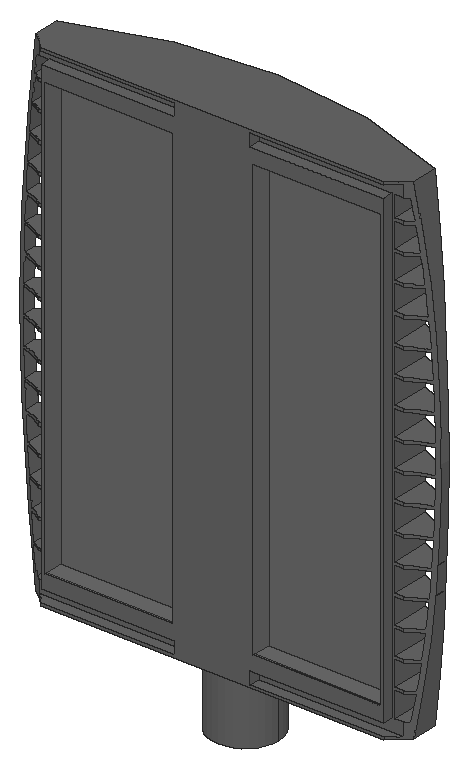
Revit family "Matrix MAA-Mast Arm", category Lighting Fixtures, host Face, Revit 2021
Family settings
  Host = Face
  Round Connector Dimension = Use Diameter
  Part Type = Normal
  OmniClass Number = 23.80.70.14.14
  OmniClass Title = Exterior Floodlights
  Cut with Voids When Loaded = No
  Light Source = Yes
  Shared = No
  Room Calculation Point = No
Parameters (values of type "MAA-BL")
  Watts = 325 W  # constant formula
  Wattage Comments = "260W to 555W"  # constant formula
  Wattage = 325 W
  built-in parameter 1150110 = 1 (stored number, unit not read)
  Voltage = 120 V
  URL = "https://www.currentlighting.com/beacon"
  built-in parameter 1114217 = 1 (stored number, unit not read)
  Tilt Angle = 90.00°  # constant formula
  built-in parameter 1150109 = 1 (stored number, unit not read)
  built-in parameter 1150134 = 12
  built-in parameter 1150113 = 1 (stored number, unit not read)
  Product Page URL = ""
  Product Material = Black
  Product Documentation Link = ""
  Power Factor = 1
  Photometric Web File = "MA-A-64L-325-4K7-5R-U.ies"
  Model = "Matrix MAA-Mast Arm"  # constant formula
  Manufacturer = "Beacon Products"  # constant formula
  built-in parameter 1150105 = 2944.5 (stored number, unit not read)
  Lumens = 37001.2 lm
  built-in parameter 1150115 = 1 (stored number, unit not read)
  Load Classification = Lighting
  built-in parameter 1150137 = (empty or 0)
  built-in parameter 1150139 = (empty or 0)
  built-in parameter 1150112 = 1 (stored number, unit not read)
  built-in parameter 1150114 = 1 (stored number, unit not read)
  Lamp = "LED"  # constant formula
  LED Engine = "325W, 37,000 lm"  # constant formula
  built-in parameter 1150132 = (empty or 0)
  built-in parameter 1150102 = (empty or 0)
  built-in parameter 1150107 = 4000 (stored number, unit not read)
  built-in parameter 1150138 = (empty or 0)
  built-in parameter 1150106 = 29.445 (stored number, unit not read)
  Glass = White Glass
  Emit from Rectangle Width = 26.000"  # constant formula
  Emit from Rectangle Length = 20.000"  # constant formula
  Emit Shape Visible in Rendering = no
  built-in parameter 1150104 = 10.577 (stored number, unit not read)
  Distribution = "5R - Type 5 Rectangular"  # constant formula
  Dimming Lamp Color Temperature Shift = <None>
  Description = "Matrix area combines superior luminaire design with excellent versatility, performance and value in four mounting options"  # constant formula
  Default Elevation = 48.000"
  Color Filter = 16777215
  CCT = "4k7 - 4000K, 70 CRI"  # constant formula
  built-in parameter 1114218 = 1 (stored number, unit not read)
  built-in parameter 1150133 = 10 (stored number, unit not read)
  Assembly Code = "D5020280"
  Apparent Load = Watts / Power Factor  # 325 VA
Types (8): name | Product Material
  (no name) | Black
  MAA-DB | Dark Bronze
  MAA-BL | Black
  MAA-WH | White
  MAA-PS | Platinum
  MAA-GYS | Light Grey
  MAA-GT | Graphite
  MAA-TT | Titanium
Reference planes (in)
  plane 1 "Center (Front/Back)": y = 0
  plane 2: z = 0
  plane 3 "Center (Left/Right)": x = 0
  plane 4: z = 4
Forms (in)
  Extrusion 1, solid, material "Black" <- "Product Material"
    sketch origin (0, 0, 0) x (1, 0, 0) y (0, 1, 0)
      loop
        circle (0, 0) r 2
    from 0 to 4
Dimensions and locks (in)
  locked: plane 4 to plane 2 at 4
  radius of Extrusion 1 sketch curve = 2.000"
  aligned and locked: plane 2 to host face
  aligned and locked: level to host face
  aligned and locked: plane 3 "Center (Left/Right)" to Extrusion 1 sketch curve
  aligned and locked: plane 1 "Center (Front/Back)" to Extrusion 1 sketch curve
  aligned and locked: plane 4 to Extrusion 1
  aligned and locked: Extrusion 1 to plane 2
  aligned and locked: plane 3 "Center (Left/Right)" to nested 1
  aligned and locked: plane 1 "Center (Front/Back)" to nested 1
  aligned and locked: imposter light to nested 1
  aligned and locked: imposter light to plane 3 "Center (Left/Right)"
Nested families (in)
  nested 1: "Matrix" at (0, 0, 4), Material Finish <- "Product Material", Glass <- "Glass", type "MAF"
    with Material Finish Black, Glass White Glass
Connectors (in)
  electrical at (0, 0, 0), driven by "Load Classification", driven by "Voltage", driven by "Apparent Load", driven by "Power Factor"
    settings: on Extrusion 1, index 1, voltage 120 V, apparent load 325 VA, apparent load phase1 0 VA, apparent load phase2 0 VA, apparent load phase3 0 VA, power factor 1, load classification "Lighting", number of poles 1, system type 30, power factor state 1, is connector primary yes, connector utility no, sub classification motor no, connector description "Lighting Connector"
Definition of nested family "Matrix"
  Parameters
    Wattage Comments = ""
    URL = ""
    Product Page URL = ""
    Product Documentation Link = ""
    Model = ""
    Material Finish [instance] = none
    Manufacturer = ""
    Lamp = ""
    Glass [instance] = none
    Description = ""
    Default Elevation = 48.000"
    Apparent Load = 0 VA
  Reference planes (in)
    plane 1 "Center (Front/Back)": y = 0
    plane 2: z = 0
    plane 3 "Center (Left/Right)": x = 0
    plane 4: y = -2.45
    plane 5: y = 2.45
    plane 6: z = 29.7
    plane 7: x = -12.5
    plane 8: x = 12.5
    plane 9: x = -13.09963
    plane 10: y = 3.95
    plane 11: x = 13.09963
  Forms (in)
    Extrusion 1, solid
      sketch origin (0, 0, 0) x (1, 0, 0) y (0, 1, 0)
        loop
          line (-48, 48) -> (-48, -48) -> (48, -48) -> (48, 48) -> (-48, 48)
      from 0 to -12
    Extrusion 2, solid, material <- "Material Finish"
      sketch origin (0, 0, 0) x (1, 0, 0) y (0, 0, 1)
        loop
          arc (-11.25, 29.7) -> (-12.50329, 14.85) -> (-11.25, 0) r 88.6042
          line (-11.25, 0) -> (11.25, 0)
          arc (11.25, 0) -> (12.5, 14.85) -> (11.25, 29.7) r 88.834
          line (11.25, 29.7) -> (-11.25, 29.7)
      from 2.45 to -2.45
    Extrusion 3, void
      sketch origin (0, 0, 0) x (1, 0, 0) y (0, 1, 0)
        loop
          line (13.09963, 3.95) -> (-13.09963, 3.95) -> (-13.09963, -0.83727)
          arc (-13.09963, -0.83727) -> (0.00051, 2.44699) -> (13.09963, -0.84133) r 27.75166
          line (13.09963, -0.84133) -> (13.09963, 3.95)
      from 33.11231 to -3.44037
    Extrusion 4, void
      sketch origin (0, 0, 0) x (1, 0, 0) y (0, 0, 1)
        loop
          arc (-11.14439, 29.575) -> (-12.37829, 14.85) -> (-11.14439, 0.125) r 88.4792
          line (-11.14439, 0.125) -> (-2.25, 0.125) -> (-2.25, 0.875) -> (-10.17345, 0.875) -> (-10.17345, 28.825) -> (-2.25, 28.825) -> (-2.25, 29.575) -> (-11.14439, 29.575)
      from 2.45 to 1.78807
    Extrusion 5, void
      sketch origin (0, 0, 0) x (1, 0, 0) y (0, 0, 1)
        loop
          line (-10, 27.95) -> (-10, 1.75) -> (-2.375, 1.75) -> (-2.375, 27.95) -> (-10, 27.95)
        loop
          line (10, 27.95) -> (2.375, 27.95) -> (2.375, 1.75) -> (10, 1.75) -> (10, 27.95)
      from 2.45 to 1.25125
    Extrusion 6, solid, material <- "Glass"
      sketch origin (0, 0, 0) x (1, 0, 0) y (0, 0, 1)
        loop
          line (-10, 27.95) -> (-10, 1.75) -> (-2.375, 1.75) -> (-2.375, 27.95) -> (-10, 27.95)
      from 2.40755 to 2.32559
    Extrusion 7, void
      sketch origin (0, 0, 0) x (1, 0, 0) y (0, 0, 1)
        loop
          line (-10.29845, 0.88042) -> (-10.29845, 2.40161) -> (-11.37128, 2.40161)
          arc (-11.37128, 2.40161) -> (-11.25949, 1.64052) -> (-11.14107, 0.88042) r 88.35391
          line (-11.14107, 0.88042) -> (-10.29845, 0.88042)
        loop
          arc (-11.14096, 28.82208) -> (-11.23811, 28.20164) -> (-11.33084, 27.58052) r 88.35398
          line (-11.33084, 27.58052) -> (-10.29845, 27.58052) -> (-10.29845, 28.82208) -> (-11.14096, 28.82208)
        loop
          line (-10.29845, 2.54409) -> (-10.29845, 4.04409) -> (-11.58882, 4.04409)
          arc (-11.58882, 4.04409) -> (-11.49332, 3.29367) -> (-11.39139, 2.54409) r 88.35402
          line (-11.39139, 2.54409) -> (-10.29845, 2.54409)
        loop
          line (-10.29845, 4.2029) -> (-10.29845, 5.71319) -> (-11.7797, 5.71319)
          arc (-11.7797, 5.71319) -> (-11.69791, 4.95768) -> (-11.60961, 4.2029) r 88.35431
          line (-11.60961, 4.2029) -> (-10.29845, 4.2029)
        loop
          line (-10.29845, 5.88228) -> (-10.29845, 7.38228) -> (-11.93722, 7.38228)
          arc (-11.93722, 7.38228) -> (-11.87037, 6.63199) -> (-11.79712, 5.88228) r 88.35426
          line (-11.79712, 5.88228) -> (-10.29845, 5.88228)
        loop
          line (-10.29845, 7.55138) -> (-10.29845, 9.05138) -> (-12.06288, 9.05138)
          arc (-12.06288, 9.05138) -> (-12.01033, 8.30114) -> (-11.9514, 7.55138) r 88.35424
          line (-11.9514, 7.55138) -> (-10.29845, 7.55138)
        loop
          line (-10.29845, 9.22047) -> (-10.29845, 10.72047) -> (-12.15681, 10.72047)
          arc (-12.15681, 10.72047) -> (-12.11851, 9.9703) -> (-12.07384, 9.22047) r 88.35424
          line (-12.07384, 9.22047) -> (-10.29845, 9.22047)
        loop
          line (-10.29845, 10.88957) -> (-10.29845, 12.38957) -> (-12.2191, 12.38957)
          arc (-12.2191, 12.38957) -> (-12.19501, 11.63945) -> (-12.16456, 10.88957) r 88.35424
          line (-12.16456, 10.88957) -> (-10.29845, 10.88957)
        loop
          line (-10.29845, 12.56308) -> (-10.29845, 14.08077) -> (-12.25042, 14.08077)
          arc (-12.25042, 14.08077) -> (-12.24048, 13.32187) -> (-12.22402, 12.56308) r 88.35448
          line (-12.22402, 12.56308) -> (-10.29845, 12.56308)
        loop
          line (-10.29845, 14.22776) -> (-10.29845, 15.72776) -> (-12.24893, 15.72776)
          arc (-12.24893, 15.72776) -> (-12.25342, 14.97776) -> (-12.25154, 14.22776) r 88.35453
          line (-12.25154, 14.22776) -> (-10.29845, 14.22776)
        loop
          line (-10.29845, 15.89685) -> (-10.29845, 17.39685) -> (-12.21642, 17.39685)
          arc (-12.21642, 17.39685) -> (-12.23492, 16.64692) -> (-12.24706, 15.89685) r 88.35421
          line (-12.24706, 15.89685) -> (-10.29845, 15.89685)
        loop
          line (-10.29845, 17.56595) -> (-10.29845, 19.06595) -> (-12.15246, 19.06595)
          arc (-12.15246, 19.06595) -> (-12.1851, 18.31607) -> (-12.21138, 17.56595) r 88.35413
          line (-12.21138, 17.56595) -> (-10.29845, 17.56595)
        loop
          line (-10.29845, 19.23504) -> (-10.29845, 20.73504) -> (-12.05688, 20.73504)
          arc (-12.05688, 20.73504) -> (-12.10373, 19.98523) -> (-12.14421, 19.23504) r 88.35411
          line (-12.14421, 19.23504) -> (-10.29845, 19.23504)
        loop
          line (-10.29845, 20.90414) -> (-10.29845, 22.40414) -> (-11.92956, 22.40414)
          arc (-11.92956, 22.40414) -> (-11.99069, 21.65439) -> (-12.04543, 20.90414) r 88.3541
          line (-12.04543, 20.90414) -> (-10.29845, 20.90414)
        loop
          line (-10.29845, 22.57323) -> (-10.29845, 24.07323) -> (-11.77036, 24.07323)
          arc (-11.77036, 24.07323) -> (-11.84582, 23.32354) -> (-11.91489, 22.57323) r 88.3541
          line (-11.91489, 22.57323) -> (-10.29845, 22.57323)
        loop
          line (-10.29845, 24.24626) -> (-10.29845, 25.76194) -> (-11.57684, 25.76194)
          arc (-11.57684, 25.76194) -> (-11.66772, 25.00448) -> (-11.75206, 24.24626) r 88.35421
          line (-11.75206, 24.24626) -> (-10.29845, 24.24626)
        loop
          line (-10.29845, 25.91142) -> (-10.29845, 27.41142) -> (-11.35532, 27.41142)
          arc (-11.35532, 27.41142) -> (-11.4599, 26.66186) -> (-11.55806, 25.91142) r 88.35426
          line (-11.55806, 25.91142) -> (-10.29845, 25.91142)
        loop
          line (10.29845, 0.88042) -> (11.14107, 0.88042)
          arc (11.14107, 0.88042) -> (11.25949, 1.64052) -> (11.37128, 2.40161) r 88.35391
          line (11.37128, 2.40161) -> (10.29845, 2.40161) -> (10.29845, 0.88042)
        loop
          line (11.14096, 28.82208) -> (10.29845, 28.82208) -> (10.29845, 27.58052) -> (11.33084, 27.58052)
          arc (11.33084, 27.58052) -> (11.23811, 28.20164) -> (11.14096, 28.82208) r 88.35398
        loop
          line (10.29845, 2.54409) -> (11.39139, 2.54409)
          arc (11.39139, 2.54409) -> (11.49332, 3.29367) -> (11.58882, 4.04409) r 88.35402
          line (11.58882, 4.04409) -> (10.29845, 4.04409) -> (10.29845, 2.54409)
        loop
          line (10.29845, 4.2029) -> (11.60961, 4.2029)
          arc (11.60961, 4.2029) -> (11.69791, 4.95768) -> (11.7797, 5.71319) r 88.35431
          line (11.7797, 5.71319) -> (10.29845, 5.71319) -> (10.29845, 4.2029)
        loop
          line (10.29845, 5.88228) -> (11.79712, 5.88228)
          arc (11.79712, 5.88228) -> (11.87037, 6.63199) -> (11.93722, 7.38228) r 88.35426
          line (11.93722, 7.38228) -> (10.29845, 7.38228) -> (10.29845, 5.88228)
        loop
          line (10.29845, 7.55138) -> (11.9514, 7.55138)
          arc (11.9514, 7.55138) -> (12.01033, 8.30114) -> (12.06288, 9.05138) r 88.35424
          line (12.06288, 9.05138) -> (10.29845, 9.05138) -> (10.29845, 7.55138)
        loop
          line (10.29845, 9.22047) -> (12.07384, 9.22047)
          arc (12.07384, 9.22047) -> (12.11851, 9.9703) -> (12.15681, 10.72047) r 88.35424
          line (12.15681, 10.72047) -> (10.29845, 10.72047) -> (10.29845, 9.22047)
        loop
          line (10.29845, 10.88957) -> (12.16456, 10.88957)
          arc (12.16456, 10.88957) -> (12.19501, 11.63945) -> (12.2191, 12.38957) r 88.35424
          line (12.2191, 12.38957) -> (10.29845, 12.38957) -> (10.29845, 10.88957)
        loop
          line (10.29845, 12.56308) -> (12.22402, 12.56308)
          arc (12.22402, 12.56308) -> (12.24048, 13.32187) -> (12.25042, 14.08077) r 88.35448
          line (12.25042, 14.08077) -> (10.29845, 14.08077) -> (10.29845, 12.56308)
        loop
          line (10.29845, 14.22776) -> (12.25154, 14.22776)
          arc (12.25154, 14.22776) -> (12.25342, 14.97776) -> (12.24893, 15.72776) r 88.35453
          line (12.24893, 15.72776) -> (10.29845, 15.72776) -> (10.29845, 14.22776)
        loop
          line (10.29845, 15.89685) -> (12.24706, 15.89685)
          arc (12.24706, 15.89685) -> (12.23492, 16.64692) -> (12.21642, 17.39685) r 88.35421
          line (12.21642, 17.39685) -> (10.29845, 17.39685) -> (10.29845, 15.89685)
        loop
          line (10.29845, 17.56595) -> (12.21138, 17.56595)
          arc (12.21138, 17.56595) -> (12.1851, 18.31607) -> (12.15246, 19.06595) r 88.35413
          line (12.15246, 19.06595) -> (10.29845, 19.06595) -> (10.29845, 17.56595)
        loop
          line (10.29845, 19.23504) -> (12.14421, 19.23504)
          arc (12.14421, 19.23504) -> (12.10373, 19.98523) -> (12.05688, 20.73504) r 88.35411
          line (12.05688, 20.73504) -> (10.29845, 20.73504) -> (10.29845, 19.23504)
        loop
          line (10.29845, 20.90414) -> (12.04543, 20.90414)
          arc (12.04543, 20.90414) -> (11.99069, 21.65439) -> (11.92956, 22.40414) r 88.3541
          line (11.92956, 22.40414) -> (10.29845, 22.40414) -> (10.29845, 20.90414)
        loop
          line (10.29845, 22.57323) -> (11.91489, 22.57323)
          arc (11.91489, 22.57323) -> (11.84582, 23.32354) -> (11.77036, 24.07323) r 88.3541
          line (11.77036, 24.07323) -> (10.29845, 24.07323) -> (10.29845, 22.57323)
        loop
          line (10.29845, 24.24626) -> (11.75206, 24.24626)
          arc (11.75206, 24.24626) -> (11.66772, 25.00448) -> (11.57684, 25.76194) r 88.35421
          line (11.57684, 25.76194) -> (10.29845, 25.76194) -> (10.29845, 24.24626)
        loop
          line (10.29845, 25.91142) -> (11.55806, 25.91142)
          arc (11.55806, 25.91142) -> (11.4599, 26.66186) -> (11.35532, 27.41142) r 88.35426
          line (11.35532, 27.41142) -> (10.29845, 27.41142) -> (10.29845, 25.91142)
      from 2.45 to -2.45
    Extrusion 8, void
      sketch origin (0, 0, 0) x (-1, 0, 0) y (0, 0, -1)
        loop
          line (-11.14439, -29.575) -> (-2.25, -29.575) -> (-2.25, -28.825) -> (-10.17345, -28.825) -> (-10.17345, -0.875) -> (-2.25, -0.875) -> (-2.25, -0.125) -> (-11.14439, -0.125)
          arc (-11.14439, -0.125) -> (-12.37829, -14.85) -> (-11.14439, -29.575) r 88.4792
      from 2.45 to 1.78807
    Extrusion 9, void
      sketch origin (0, 0, 0) x (1, 0, 0) y (0, 1, 0)
        loop
          line (-12.50329, -2.45) -> (-10.18202, -2.45)
          arc (-10.18202, -2.45) -> (-11.22194, -1.56959) -> (-12.50329, -1.10625) r 3.8525
          line (-12.50329, -1.10625) -> (-12.50329, -2.45)
      from 29.7 to 0
    Extrusion 10, void
      sketch origin (0, 0, 0) x (-1, 0, 0) y (0, -1, 0)
        loop
          line (-12.50329, 2.45) -> (-12.50329, 1.10625)
          arc (-12.50329, 1.10625) -> (-11.22194, 1.56959) -> (-10.18202, 2.45) r 3.8525
          line (-10.18202, 2.45) -> (-12.50329, 2.45)
      from 29.7 to 0
    Extrusion 11, solid, material <- "Glass"
      sketch origin (0, 0, 0) x (-1, 0, 0) y (0, 0, -1)
        loop
          line (-10, -27.95) -> (-2.375, -27.95) -> (-2.375, -1.75) -> (-10, -1.75) -> (-10, -27.95)
      from 2.40755 to 2.32559
  Cuts and joins
    Extrusion 3, Extrusion 4, Extrusion 5, Extrusion 7, Extrusion 8, Extrusion 9, Extrusion 10 cuts Extrusion 2
  Lines and regions (in)
    reference lines
      curve 1: line (-5.55547, 0, 5.53932) -> (10.19453, 0, 5.53932)
      curve 2: line (7.29478, 0, 7.53677) -> (-0.62911, 0, -2.76915)
  Dimensions and locks (in)
    equal spacing: plane 8, plane 3 "Center (Left/Right)", plane 7
    equal spacing: plane 5, plane 1 "Center (Front/Back)", plane 4
    plane 8 to plane 7 = 25.000"
    plane 6 to plane 2 = 29.700"
    locked: plane 5 to plane 4 at 4.9
    aligned and locked: plane 2 to Extrusion 1
    aligned and locked: level to Extrusion 1
    aligned and locked: Extrusion 2 sketch curve to plane 6
    aligned and locked: plane 2 to Extrusion 2 sketch curve
    aligned and locked: plane 4 to Extrusion 2
    aligned and locked: plane 5 to Extrusion 2
    aligned and locked: plane 10 to Extrusion 3 sketch curve
    aligned and locked: plane 11 to Extrusion 3 sketch curve
  Automatic sketch dimensions
    Extrusion 1 sketch curve to Extrusion 1 sketch curve = 96.000"  (x2)
    curve 1 to plane 3 "Center (Left/Right)" = 5.55547"
    curve 2 to plane 3 "Center (Left/Right)" = 0.62911"
    plane 8 to curve 2 = 5.20522"
    plane 8 to curve 1 = 2.30547"
    curve 2 to level = 2.76915"
    level to curve 1 = 5.53932"
    curve 1 to curve 2 = 1.99745"
    plane 7 to Extrusion 2 sketch curve = 1.250"  (x2)
    plane 8 to Extrusion 2 sketch curve = 1.250"
    plane 3 "Center (Left/Right)" to Extrusion 2 sketch curve = 11.250"
    Extrusion 2 sketch curve to plane 7 = 63.834"
    Extrusion 2 sketch curve to plane 8 = 63.60091"
    Extrusion 3 sketch curve to plane 9 = 0.000"
    plane 1 "Center (Front/Back)" to Extrusion 3 sketch curve = 0.84133"
    Extrusion 3 sketch curve to plane 3 "Center (Left/Right)" = 0.0038"
    plane 1 "Center (Front/Back)" to Extrusion 3 sketch curve = 0.83727"
    level to Extrusion 4 sketch curve = 0.125"
    plane 7 to Extrusion 4 sketch curve = 1.35561"
    level to Extrusion 4 sketch curve = 0.875"
    Extrusion 4 sketch curve to plane 6 = 0.125"
    Extrusion 4 sketch curve to plane 3 "Center (Left/Right)" = 11.14439"
    Extrusion 4 sketch curve to Extrusion 4 sketch curve = 0.97094"
    Extrusion 4 sketch curve to plane 6 = 0.875"
    Extrusion 4 sketch curve to plane 3 "Center (Left/Right)" = 2.250"  (x2)
    Extrusion 4 sketch curve to plane 8 = 63.60091"
    plane 7 to Extrusion 5 sketch curve = 2.500"
    level to Extrusion 5 sketch curve = 1.750"  (x2)
    Extrusion 5 sketch curve to plane 3 "Center (Left/Right)" = 2.375"
    plane 3 "Center (Left/Right)" to Extrusion 5 sketch curve = 2.375"
    plane 8 to Extrusion 5 sketch curve = 2.500"
    Extrusion 5 sketch curve to plane 6 = 1.750"  (x2)
    plane 7 to Extrusion 6 sketch curve = 2.500"
    level to Extrusion 6 sketch curve = 1.750"
    Extrusion 6 sketch curve to plane 3 "Center (Left/Right)" = 2.375"
    Extrusion 6 sketch curve to plane 6 = 1.750"
    plane 7 to Extrusion 7 sketch curve = 0.24846"
    level to Extrusion 7 sketch curve = 0.88042"  (x2)
    Extrusion 7 sketch curve to Extrusion 7 sketch curve = 0.00111"  (x2)
    plane 7 to Extrusion 7 sketch curve = 0.25107"
    Extrusion 7 sketch curve to Extrusion 7 sketch curve = 0.00187"  (x2)
    plane 7 to Extrusion 7 sketch curve = 0.27598"
    Extrusion 7 sketch curve to Extrusion 7 sketch curve = 0.00492"  (x2)
    plane 7 to Extrusion 7 sketch curve = 0.28358"
    Extrusion 7 sketch curve to Extrusion 7 sketch curve = 0.00505"  (x2)
    plane 7 to Extrusion 7 sketch curve = 0.33544"
    Extrusion 7 sketch curve to Extrusion 7 sketch curve = 0.00775"  (x2)
    plane 7 to Extrusion 7 sketch curve = 0.34754"
    Extrusion 7 sketch curve to Extrusion 7 sketch curve = 0.00824"  (x2)
    plane 7 to Extrusion 7 sketch curve = 0.42616"
    Extrusion 7 sketch curve to Extrusion 7 sketch curve = 0.01096"  (x2)
    plane 7 to Extrusion 7 sketch curve = 0.44312"
    Extrusion 7 sketch curve to Extrusion 7 sketch curve = 0.01145"  (x2)
    plane 7 to Extrusion 7 sketch curve = 0.5486"
    Extrusion 7 sketch curve to Extrusion 7 sketch curve = 0.01418"  (x2)
    plane 7 to Extrusion 7 sketch curve = 0.57044"
    Extrusion 7 sketch curve to Extrusion 7 sketch curve = 0.01467"  (x2)
    plane 7 to Extrusion 7 sketch curve = 0.70288"
    Extrusion 7 sketch curve to Extrusion 7 sketch curve = 0.01741"  (x2)
    plane 7 to Extrusion 7 sketch curve = 0.72964"
    Extrusion 7 sketch curve to Extrusion 7 sketch curve = 0.01831"  (x2)
    plane 7 to Extrusion 7 sketch curve = 0.89039"
    Extrusion 7 sketch curve to Extrusion 7 sketch curve = 0.02079"  (x2)
    plane 7 to Extrusion 7 sketch curve = 0.92316"
    Extrusion 7 sketch curve to Extrusion 7 sketch curve = 0.01877"  (x2)
    plane 7 to Extrusion 7 sketch curve = 1.10861"
    Extrusion 7 sketch curve to Extrusion 7 sketch curve = 0.02011"  (x2)
    plane 7 to Extrusion 7 sketch curve = 1.14468"
    Extrusion 7 sketch curve to Extrusion 7 sketch curve = 0.02447"  (x2)
    Extrusion 7 sketch curve to Extrusion 7 sketch curve = 0.2302"
    Extrusion 7 sketch curve to plane 6 = 0.87792"
    Extrusion 7 sketch curve to Extrusion 7 sketch curve = 0.18988"
    Extrusion 7 sketch curve to Extrusion 7 sketch curve = 1.85836"
    Extrusion 7 sketch curve to Extrusion 7 sketch curve = 0.000"  (x34)
    Extrusion 7 sketch curve to Extrusion 7 sketch curve = 0.84251"  (x2)
    plane 8 to Extrusion 7 sketch curve = 2.20155"
    Extrusion 7 sketch curve to Extrusion 7 sketch curve = 0.84262"
    Extrusion 7 sketch curve to Extrusion 7 sketch curve = 1.0324"
    Extrusion 7 sketch curve to Extrusion 7 sketch curve = 1.07283"
    plane 8 to Extrusion 7 sketch curve = 0.94194"
    plane 8 to Extrusion 7 sketch curve = 0.91118"
    plane 8 to Extrusion 7 sketch curve = 0.74794"
    plane 8 to Extrusion 7 sketch curve = 0.7203"
    plane 8 to Extrusion 7 sketch curve = 0.58511"
    plane 8 to Extrusion 7 sketch curve = 0.56278"
    plane 8 to Extrusion 7 sketch curve = 0.45457"
    plane 8 to Extrusion 7 sketch curve = 0.43712"
    plane 8 to Extrusion 7 sketch curve = 0.35579"
    plane 8 to Extrusion 7 sketch curve = 0.34319"
    plane 8 to Extrusion 7 sketch curve = 0.28862"
    plane 8 to Extrusion 7 sketch curve = 0.2809"
    plane 8 to Extrusion 7 sketch curve = 0.25294"
    plane 8 to Extrusion 7 sketch curve = 0.24958"
    level to Extrusion 7 sketch curve = 14.82361"
    Extrusion 7 sketch curve to plane 7 = 63.60516"
    Extrusion 7 sketch curve to Extrusion 7 sketch curve = 0.00322"
    Extrusion 7 sketch curve to Extrusion 7 sketch curve = 0.00058"
    Extrusion 7 sketch curve to Extrusion 7 sketch curve = 0.00035"
    Extrusion 7 sketch curve to Extrusion 7 sketch curve = 0.00001"  (x2)
    Extrusion 7 sketch curve to Extrusion 7 sketch curve = 0.00002"  (x2)
    Extrusion 7 sketch curve to Extrusion 7 sketch curve = 0.00418"  (x2)
    Extrusion 7 sketch curve to Extrusion 7 sketch curve = 0.00004"  (x3)
    Extrusion 7 sketch curve to Extrusion 7 sketch curve = 0.00009"  (x2)
    Extrusion 7 sketch curve to Extrusion 7 sketch curve = 0.00012"  (x2)
    Extrusion 7 sketch curve to Extrusion 7 sketch curve = 0.00049"
    Extrusion 7 sketch curve to Extrusion 7 sketch curve = 0.00131"  (x2)
    Extrusion 7 sketch curve to Extrusion 7 sketch curve = 0.00052"  (x3)
    Extrusion 7 sketch curve to Extrusion 7 sketch curve = 0.00085"  (x2)
    Extrusion 7 sketch curve to Extrusion 7 sketch curve = 0.00281"  (x2)
    level to Extrusion 7 sketch curve = 14.8272"
    Extrusion 7 sketch curve to plane 8 = 63.59817"
    Extrusion 7 sketch curve to Extrusion 7 sketch curve = 0.00161"
    Extrusion 7 sketch curve to Extrusion 7 sketch curve = 0.00057"
    Extrusion 7 sketch curve to Extrusion 7 sketch curve = 0.00101"
    Extrusion 7 sketch curve to Extrusion 7 sketch curve = 1.52119"  (x2)
    Extrusion 7 sketch curve to Extrusion 7 sketch curve = 0.14248"  (x2)
    Extrusion 7 sketch curve to Extrusion 7 sketch curve = 1.500"  (x22)
    Extrusion 7 sketch curve to Extrusion 7 sketch curve = 0.1588"  (x2)
    Extrusion 7 sketch curve to Extrusion 7 sketch curve = 1.51029"  (x2)
    Extrusion 7 sketch curve to Extrusion 7 sketch curve = 0.16909"  (x20)
    Extrusion 7 sketch curve to Extrusion 7 sketch curve = 0.17351"  (x2)
    Extrusion 7 sketch curve to Extrusion 7 sketch curve = 1.51769"  (x2)
    Extrusion 7 sketch curve to Extrusion 7 sketch curve = 0.14699"  (x2)
    Extrusion 7 sketch curve to Extrusion 7 sketch curve = 0.17302"  (x2)
    Extrusion 7 sketch curve to Extrusion 7 sketch curve = 1.51568"  (x2)
    Extrusion 7 sketch curve to Extrusion 7 sketch curve = 0.14949"  (x2)
    Extrusion 7 sketch curve to Extrusion 7 sketch curve = 1.24156"
    Extrusion 8 sketch curve to level = 0.125"
    Extrusion 8 sketch curve to plane 8 = 1.35561"
    Extrusion 8 sketch curve to level = 0.875"
    plane 6 to Extrusion 8 sketch curve = 0.125"
    Extrusion 8 sketch curve to plane 3 "Center (Left/Right)" = 11.14439"
    Extrusion 8 sketch curve to Extrusion 8 sketch curve = 0.97094"
    plane 6 to Extrusion 8 sketch curve = 0.875"
    Extrusion 8 sketch curve to plane 3 "Center (Left/Right)" = 2.250"  (x2)
    plane 7 to Extrusion 8 sketch curve = 63.60091"
    plane 4 to Extrusion 9 sketch curve = 0.000"
    Extrusion 9 sketch curve to plane 7 = 0.00329"
    plane 1 "Center (Front/Back)" to Extrusion 9 sketch curve = 1.10625"
    plane 7 to Extrusion 9 sketch curve = 2.31798"
    Extrusion 9 sketch curve to plane 7 = 0.65203"
    plane 4 to Extrusion 10 sketch curve = 0.000"
    plane 8 to Extrusion 10 sketch curve = 0.00329"
    Extrusion 10 sketch curve to plane 1 "Center (Front/Back)" = 1.10625"
    Extrusion 10 sketch curve to plane 8 = 2.31798"
    plane 8 to Extrusion 10 sketch curve = 0.65203"
    Extrusion 11 sketch curve to plane 8 = 2.500"
    Extrusion 11 sketch curve to level = 1.750"
    Extrusion 11 sketch curve to plane 3 "Center (Left/Right)" = 2.375"
    plane 6 to Extrusion 11 sketch curve = 1.750"
